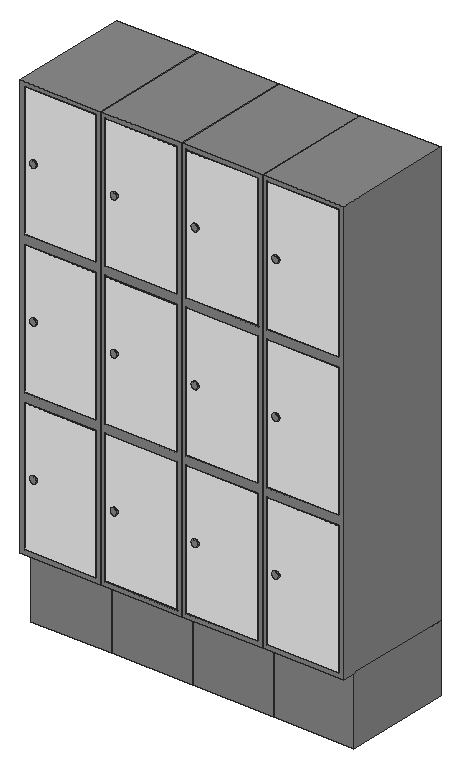
Revit family
Parameters
  Plinth Setback = 50 mm
  Plinth Height = 250 mm
  No of Lockers [instance] = 4
  Material Lockers = Paint - Grey
  Material Doors = Paint - White
  Lockers Depth = 450 mm
  Locker Width = 300 mm
  Locker Height = 1575 mm
Reference planes
  plane 1 "Center (Front/Back)": y = 0
  plane 2: z = 0
  plane 3 "Center (Left/Right)": x = 0
Dimensions and locks
  equal spacing: group 1, group 2, group 3, group 4  (x3)
  equal spacing: nested 1, plane 3 "Center (Left/Right)", nested 1
  locked: nested 1 to nested 2 at 0
  nested 4 to nested 4 = 300 mm
  aligned and locked: plane 1 "Center (Front/Back)" to nested 1
Nested families
  nested 1: "Uk_Lockers x 3" at (154.179, -600, 0), type "Uk_Lockers x 3"
    with Locker Height 1575 mm
  nested 2: "Uk_Lockers x 3" at (454.179, -600, 0), type "Uk_Lockers x 3"
    with Locker Height 1575 mm
  nested 3: "Uk_Lockers x 3" at (754.179, -600, 0), type "Uk_Lockers x 3"
    with Locker Height 1575 mm
  nested 4: "Uk_Lockers x 3" at (1054.179, -600, 0), type "Uk_Lockers x 3"
    with Locker Height 1575 mm
Definition of nested family "Uk_Lockers x 3"
  Parameters
    Width = 300 mm
    Vis Ironmongery = yes
    Plinth Setback = 50 mm
    Plinth Height = 250 mm
    Material Plinth = Paint - Grey
    Material Locker = Paint - Grey
    Material Door = Paint - White
    Locker Height = 1775 mm
    Depth = 450 mm
  Reference planes
    plane 1 "Center (Front/Back)": y = 150
    plane 2: z = 0
    plane 3 "Center (Left/Right)": x = -154.179
    plane 4: y = 600
    plane 5: x = -304.179
    plane 6: x = -4.179
    plane 7: z = 250
    plane 8: z = 2025
    plane 9: z = 2010
    plane 10: z = 265
    plane 11: x = -289.179
    plane 12: x = -19.179
    plane 13: z = 1448.333
    plane 14: z = 1433.333
    plane 15: z = 1418.333
    plane 16: z = 856.667
    plane 17: z = 841.667
    plane 18: z = 826.667
    plane 19: x = -44.179
    plane 20: x = -94.179
    plane 21: z = 1729.167
  Forms (mm)
    Extrusion 1, solid, material "Paint - Grey" <- "Material Plinth"
      sketch origin (0, 0, 0) x (1, 0, 0) y (0, 1, 0)
        loop
          line (-304.179, 600) -> (-304.179, 200) -> (-4.179, 200) -> (-4.179, 600) -> (-304.179, 600)
      from 0 to 250
    Extrusion 2, solid, material "Paint - Grey" <- "Material Locker"
      sketch origin (-154.179, 0, 0) x (0, 1, 0) y (0, 0, 1)
        loop
          line (150, 2025) -> (150, 250) -> (600, 250) -> (600, 2025) -> (150, 2025)
      from -150 to 150
    Extrusion 3, void
      sketch origin (-4.179, 150, 2025) x (1, 0, 0) y (0, 0, -1)
        loop
          line (-285, 1760) -> (-285, 1198.333) -> (-15, 1198.333) -> (-15, 1760) -> (-285, 1760)
        loop
          line (-285, 1168.333) -> (-285, 606.667) -> (-15, 606.667) -> (-15, 1168.333) -> (-285, 1168.333)
        loop
          line (-285, 576.667) -> (-285, 15) -> (-15, 15) -> (-15, 576.667) -> (-285, 576.667)
      from 0 to 435
    Extrusion 4, solid, material "Paint - White" <- "Material Door"
      sketch origin (-4.179, 150, 2025) x (-1, 0, 0) y (0, 0, -1)
        loop
          line (282, 18) -> (282, 573.667) -> (18, 573.667) -> (18, 18) -> (282, 18)
        loop
          line (282, 609.667) -> (282, 1165.333) -> (18, 1165.333) -> (18, 609.667) -> (282, 609.667)
        loop
          line (282, 1201.333) -> (282, 1757) -> (18, 1757) -> (18, 1201.333) -> (282, 1201.333)
      from -15 to 0
    Extrusion 5, solid, material "Paint - Grey" <- "Material Locker", visible <- "Vis Ironmongery"
      sketch origin (0, 150, 0) x (1, 0, 0) y (0, 0, 1)
        loop
          circle (-254.179, 1729.167) r 12.5
        loop
          circle (-254.179, 1137.5) r 12.5
        loop
          circle (-254.179, 545.833) r 12.5
      from 0 to 3
  Cuts and joins
    Extrusion 3 cuts Extrusion 1
    Extrusion 3 cuts Extrusion 2
  Lines and regions (mm)
    model lines, style "InvisibleLines"
      curve 1: line (-154.179, 150, 2025) -> (-154.179, 600, 2025)
  Dimensions and locks
    equal spacing: plane 5, plane 3 "Center (Left/Right)", plane 6
    "Width": plane 5 to plane 6
    "Depth": plane 1 "Center (Front/Back)" to plane 4
    "Locker Height": plane 8 to plane 7
    "Plinth Height": plane 7 to level
    locked: plane 8 to plane 9 at 15
    locked: plane 10 to plane 7 at 15
    locked: plane 5 to plane 11 at 15
    locked: plane 12 to plane 6 at 15
    equal spacing: plane 8, plane 14, plane 17, plane 7
    "Plinth Setback": plane 1 "Center (Front/Back)" to cut or joined group of Extrusion 1, Extrusion 3
    locked: plane 11 to Extrusion 5 sketch curve at 35  (x3)
    equal spacing: plane 8, Extrusion 5 sketch curve, plane 14
    equal spacing: plane 14, Extrusion 5 sketch curve, plane 17
    equal spacing: plane 17, Extrusion 5 sketch curve, plane 7
    equal spacing: plane 13, plane 14, plane 15, locked at 15 each
    equal spacing: plane 16, plane 17, plane 18, locked at 15 each
    locked: plane 16 to plane 18 at 30
    locked: plane 13 to plane 15 at 30
    aligned and locked: Extrusion 1 to plane 7
    aligned and locked: Extrusion 1 to level
    aligned and locked: Extrusion 2 sketch curve to curve 1
    aligned and locked: plane 5 to Extrusion 2
    aligned and locked: Extrusion 2 to plane 6
  Automatic sketch dimensions
    Extrusion 1 sketch curve to plane 1 "Center (Front/Back)" = 50 mm
    Extrusion 1 sketch curve to plane 5 = 0 mm
    Extrusion 1 sketch curve to plane 6 = 0 mm
    Extrusion 1 sketch curve to plane 4 = 0 mm
    curve 1 to plane 1 "Center (Front/Back)" = 0 mm
    curve 1 to plane 4 = 0 mm
    curve 1 to plane 8 = 0 mm
    Extrusion 2 sketch curve to plane 1 "Center (Front/Back)" = 0 mm
    Extrusion 2 sketch curve to plane 4 = 0 mm
    Extrusion 2 sketch curve to plane 7 = 0 mm
    Extrusion 3 sketch curve to plane 10 = 0 mm
    Extrusion 3 sketch curve to plane 11 = 0 mm  (x3)
    Extrusion 3 sketch curve to plane 12 = 0 mm  (x3)
    Extrusion 3 sketch curve to plane 9 = 0 mm
    Extrusion 3 sketch curve to plane 13 = 0 mm
    Extrusion 3 sketch curve to plane 15 = 0 mm
    Extrusion 3 sketch curve to plane 16 = 0 mm
    Extrusion 3 sketch curve to plane 18 = 0 mm
    Extrusion 4 sketch curve to plane 12 = 3 mm  (x3)
    Extrusion 4 sketch curve to plane 11 = 3 mm  (x3)
    plane 9 to Extrusion 4 sketch curve = 3 mm
    Extrusion 4 sketch curve to plane 13 = 3 mm
    plane 15 to Extrusion 4 sketch curve = 3 mm
    Extrusion 4 sketch curve to plane 16 = 3 mm
    plane 18 to Extrusion 4 sketch curve = 3 mm
    Extrusion 4 sketch curve to plane 10 = 3 mm
    radius of Extrusion 5 sketch curve = 12.5 mm  (x3)
